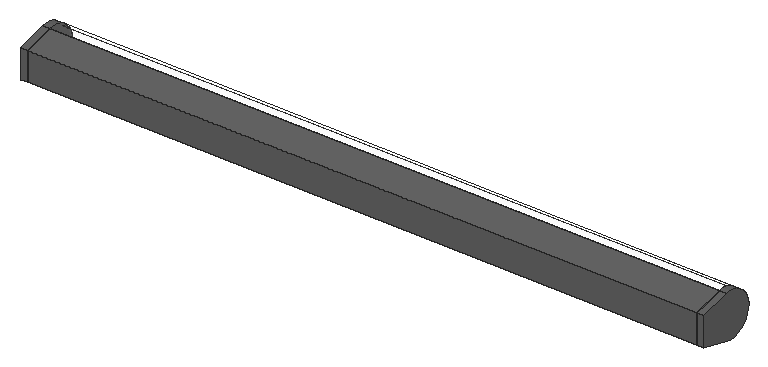
Revit family "67L-W-Dome", category Lighting Fixtures, host Wall, Revit 2021
Family settings
  Host = Wall
  Round Connector Dimension = Use Diameter
  Part Type = Normal
  OmniClass Number = 23.80.70.11.14.17
  OmniClass Title = Direct/Indirect
  Always vertical = Yes
  Cut with Voids When Loaded = No
  Light Source = Yes
  Shared = Yes
  Room Calculation Point = No
Parameters (values of type "Note 67L-Carbon Black")
  Width = 48.00"
  Watts = 4.5 W
  Wattage Comments = "550 to 1800 lumens/ft"  # constant formula
  Wattage = 4.5 W
  built-in parameter 1150110 = 1 (stored number, unit not read)
  Voltage = 120 V
  URL = "https://www.currentlighting.com/litecontrol"
  Type Comments = "Lighting Fixture"  # constant formula
  built-in parameter 1114217 = 1 (stored number, unit not read)
  Tilt Angle = 0.00°
  built-in parameter 1150109 = 1 (stored number, unit not read)
  built-in parameter 1150134 = (empty or 0)
  built-in parameter 1150113 = 1 (stored number, unit not read)
  Photometric Web File = "67L-W-D-4-4-DM-C1-35K-D055.IES"
  Photometric Notes = "Photometric Web files Download in below link"  # constant formula
  Glass = White Glass
  Product Page URL = ""
  Product Documentation Link = ""
  Power Factor = 1
  Model = "67L-W-Dome"  # constant formula
  Manufacturer = "Litecontrol"  # constant formula
  built-in parameter 1150105 = 43.33 (stored number, unit not read)
  Lumens = 544.5 lm
  built-in parameter 1150115 = 1 (stored number, unit not read)
  Load Classification = Lighting
  built-in parameter 1150137 = (empty or 0)
  built-in parameter 1150139 = (empty or 0)
  built-in parameter 1150112 = 1 (stored number, unit not read)
  built-in parameter 1150114 = 1 (stored number, unit not read)
  Lamp = "LED"  # constant formula
  built-in parameter 1150132 = (empty or 0)
  built-in parameter 1150102 = (empty or 0)
  built-in parameter 1150107 = 3500 (stored number, unit not read)
  built-in parameter 1150138 = (empty or 0)
  built-in parameter 1150106 = 0.4333 (stored number, unit not read)
  Emit from Rectangle Width = Width - 1.00"  # 47.00"
  Emit from Rectangle Length = 3.00"  # constant formula
  Emit Shape Visible in Rendering = no
  built-in parameter 1150104 = 11.241 (stored number, unit not read)
  Dimming Lamp Color Temperature Shift = <None>
  Description = "The NOTE 67L Wall Mount brings direct illumination, ADA compliance, performance and versatility, all within a slim profile and a fresh, contemporary style"  # constant formula
  Default Elevation = 0.00"
  Contact Us = ""
  Color Filter = 16777215
  Housing Material = Paint - Carbon Black
  built-in parameter 1114218 = 1 (stored number, unit not read)
  built-in parameter 1150133 = 10 (stored number, unit not read)
  Assembly Code = "D5020210"
  Apparent Load = Watts / Power Factor  # 4.5 VA
Types (6): name | Housing Material
  Note 67L-Carbon Black | Paint - Carbon Black
  Note 67L-Textured Matte White | Paint -  Textured Matte White
  Note 67L-Light Silver | Paint -  Light Silver
  Note 67L-Machined Aluminum | Paint - Machined Aluminum
  Note 67L-Textured Camera Black | Paint - Textured Camera Black
  Note 67L-Matte White | Paint -  Matte White
Reference planes (in)
  plane 1 "Wall": y = 0
  plane 2 "Center (Left/Right)": x = 4.92126
  plane 3 "Back": y = 2.95276
  plane 4: y = 5.95276
  plane 5: z = 81.34304
Text (in)
  text "Placement Side" at (-36.97918, 19.73443, 0), in view "Ref. Level"
  text "Placement side" at (0, 27.32912, 79.68064), in view "Left"
  text "Placement side" at (0, 10.24977, 82.91007), in view "Right"
Dimensions and locks (in)
  locked: plane 3 "Back" to host wall
  locked: plane 3 "Back" to plane 4 at 3
  aligned and locked: plane 1 "Wall" to host wall
  aligned and locked: nested 1 to plane 5
  aligned and locked: nested 1 to plane 2 "Center (Left/Right)"
Nested families (in)
  nested 1: "Dome" at (2.87359, 2.95276, 81.30305) x (-1, 0, 0) z (0, 1, 0), Glass <- "Glass", Backbox <- "Housing Material", Row Length <- "Width", type "Dome"
    with Row Length 48.00", Glass White Glass, Backbox Paint - Carbon Black
Connectors (in)
  electrical at (4.92126, 2.95276, 81.34499), driven by "Load Classification", driven by "Voltage", driven by "Apparent Load", driven by "Power Factor"
    settings: on nested 1, index 1, voltage 120 V, apparent load 4.5 VA, apparent load phase1 0 VA, apparent load phase2 0 VA, apparent load phase3 0 VA, power factor 1, load classification "Lighting", number of poles 1, system type 30, power factor state 1, is connector primary yes, connector utility no, sub classification motor no, connector description "Lighting Connector"
Definition of nested family "Dome"
  Parameters
    Wattage Comments = ""
    URL = ""
    Row Length [instance] = 24.00"
    Product Page URL = ""
    Product Documentation Link = ""
    Model = ""
    Manufacturer Phone = ""
    Manufacturer Fax = ""
    Manufacturer = ""
    Lamp = ""
    Glass [instance] = none
    Description = ""
    Default Elevation = 48.00"
    Backbox [instance] = none
  Reference planes (in)
    plane 1 "Center (Front/Back)": y = 0.03999
    plane 2: z = 0
    plane 3 "Center (Left/Right)": x = -2.04767
    plane 4: x = -14.04767
    plane 5: x = 9.95233
    plane 6: x = -13.54767
    plane 7: x = 9.45233
    plane 8: z = 3.875
    plane 9: y = -1.46001
    plane 10: y = 1.53999
    plane 11: y = 1.03999
    plane 12: y = -0.96001
    plane 13: z = 1.98438
  Forms (in)
    Extrusion 1, solid
      sketch origin (0, 0, 0.06357) x (1, 0, 0) y (0, 1, 0)
        loop
          line (-48, 48) -> (-48, -48) -> (48, -48) -> (48, 48) -> (-48, 48)
      from -0.06357 to -6.47428
    Extrusion 2, solid, material <- "Backbox"
      sketch origin (-2.04767, 0, 0) x (0, 1, 0) y (0, 0, 1)
        loop
          line (-0.96001, 0) -> (1.0439, 0) -> (1.53999, 1.98437)
          arc (1.53999, 1.98437) -> (0.09412, 3.90459) -> (-1.48257, 2.09025) r 1.54616
          line (-1.48257, 2.09025) -> (-0.96001, 0)
      from 11.5 to 12
    Extrusion 3, solid, material <- "Backbox"
      sketch origin (-2.04767, 0, 0) x (0, 1, 0) y (0, 0, 1)
        loop
          line (-0.96001, 0) -> (1.0439, 0) -> (1.53999, 1.98437)
          arc (1.53999, 1.98437) -> (0.09412, 3.90459) -> (-1.48257, 2.09025) r 1.54616
          line (-1.48257, 2.09025) -> (-0.96001, 0)
      from -11.5 to -12
    Extrusion 4, solid, material <- "Glass"
      sketch origin (-2.04767, 0, 0) x (0, 1, 0) y (0, 0, 1)
        loop
          arc (1.53999, 1.98437) -> (0.03999, 3.90554) -> (-1.46001, 1.98437) r 1.54616
          line (-1.46001, 1.98437) -> (-1.33081, 1.98437)
          arc (-1.33081, 1.98437) -> (0.03999, 3.78054) -> (1.41079, 1.98437) r 1.42116
          line (1.41079, 1.98437) -> (1.53999, 1.98437)
      from -11.5 to 11.5
    Extrusion 5, solid, material <- "Backbox"
      sketch origin (-2.04767, 0, 0) x (0, 1, 0) y (0, 0, 1)
        loop
          line (-0.96001, 0) -> (1.0439, 0) -> (1.53999, 1.98437) -> (-1.4561, 1.98437) -> (-0.96001, 0)
      from -11.5 to 11.5
  Dimensions and locks (in)
    equal spacing: plane 5, plane 3 "Center (Left/Right)", plane 4
    plane 6 to plane 4 = 0.50"
    "Row Length": plane 5 to plane 4
    equal spacing: plane 7, plane 3 "Center (Left/Right)", plane 6
    locked: plane 8 to Extrusion 1 at 3.875
    locked: plane 1 "Center (Front/Back)" to plane 9 at 1.5
    locked: plane 13 to Extrusion 1 at 1.98438
    locked: plane 10 to plane 9 at 3
    locked: plane 11 to plane 12 at 2
    aligned and locked: plane 2 to Extrusion 1
    aligned and locked: level to Extrusion 1
    aligned and locked: plane 5 to Extrusion 2
    aligned and locked: Extrusion 2 to plane 7
    aligned and locked: plane 7 to Extrusion 5
    aligned and locked: Extrusion 5 to plane 6
    aligned and locked: Extrusion 3 to plane 4
    aligned and locked: plane 6 to Extrusion 3
    aligned and locked: Extrusion 5 sketch curve to level
    aligned and locked: Extrusion 5 to Extrusion 3 sketch curve
    aligned and locked: Extrusion 2 sketch curve to Extrusion 3  (x4)
    aligned and locked: Extrusion 4 to plane 6
    aligned and locked: plane 7 to Extrusion 4
    aligned and locked: plane 13 to Extrusion 5
    aligned and locked: Extrusion 4 sketch curve to Extrusion 3
  Automatic sketch dimensions
    Extrusion 1 sketch curve to Extrusion 1 sketch curve = 96.00"  (x2)
    plane 9 to Extrusion 3 sketch curve = 0.02256"
    Extrusion 3 sketch curve to plane 12 = 0.00"
    Extrusion 3 sketch curve to plane 1 "Center (Front/Back)" = 0.00"
    plane 11 to Extrusion 3 sketch curve = 0.00391"
    Extrusion 3 sketch curve to plane 10 = 0.00"
    level to Extrusion 3 sketch curve = 2.09025"
    Extrusion 2 sketch curve to plane 10 = 0.00"
    Extrusion 5 sketch curve to plane 12 = 0.00"
    Extrusion 5 sketch curve to plane 10 = 0.00"
    Extrusion 5 sketch curve to plane 9 = 0.00391"
    plane 11 to Extrusion 5 sketch curve = 0.00391"
    level to Extrusion 3 sketch curve = 1.98437"
    Extrusion 5 sketch curve to plane 8 = 1.89062"
    Extrusion 4 sketch curve to Extrusion 4 sketch curve = 0.00"  (x2)
    plane 9 to Extrusion 4 sketch curve = 0.00"
    Extrusion 4 sketch curve to Extrusion 4 sketch curve = 0.1292"
    plane 13 to Extrusion 4 sketch curve = 0.00"
